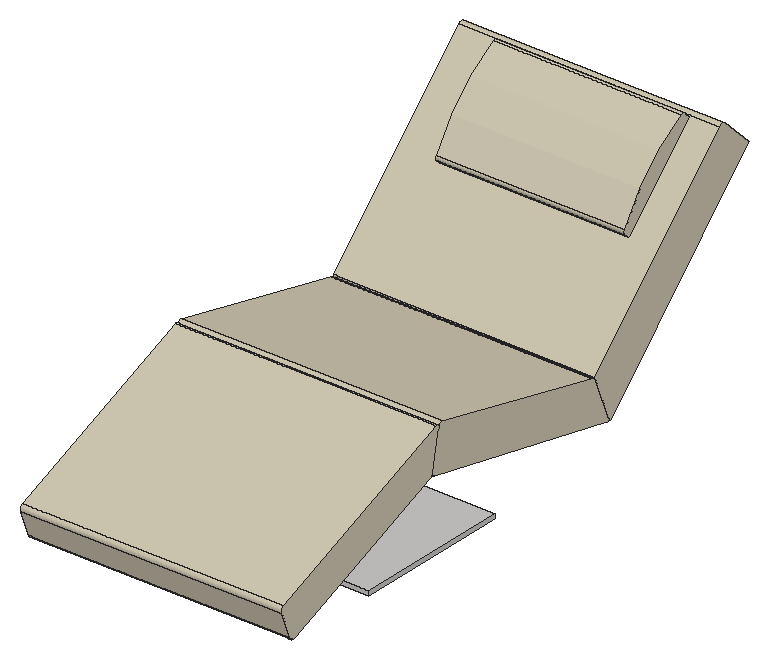
Revit family "Chaise_Longue_-_Z_Divani_amp_Divani_9475", category Шкафы, Revit 2017
Family settings
  Номер OmniClass = 23.40.35.00
  Заголовок OmniClass = Casework
  На основе рабочей плоскости = Нет
  Всегда вертикально = Да
  При загрузке вырезать с полостями = Нет
  Общий = Нет
  Точка расчета площади = Нет
Parameters (values of type "Z_Divani e Divani")
  Глубина: = 600 mm
  Assembly Code = ""
  Height = 900 mm
  Width = 900 mm
Reference planes
  plane 1: z = 0
  plane 2 "SUP": z = 900
  plane 3: y = -1855.732
Forms (mm)
  Extrusion 1, solid, material "Pelle Bianca"
    sketch origin (44.7, 0, 0) x (0, 1, 0) y (0, 0, 1)
      loop
        line (279.541, 855.459) -> (-217.212, 358.706)
        arc (-217.212, 358.706) -> (-218.236, 356.8) -> (-218.037, 354.646) r 3.751
        line (-218.037, 354.646) -> (-160.613, 212.779)
        arc (-160.613, 212.779) -> (-158.459, 210.99) -> (-155.778, 211.797) r 2.959
        line (-155.778, 211.797) -> (390.784, 758.359)
        arc (390.784, 758.359) -> (392.248, 761.894) -> (390.784, 765.43) r 5
        line (390.784, 765.43) -> (300.754, 855.459)
        arc (300.754, 855.459) -> (290.148, 859.853) -> (279.541, 855.459) r 15
    from 0 to 830
  Extrusion 2, solid, material "Pelle Bianca"
    sketch origin (44.7, 0, 0) x (0, 1, 0) y (0, 0, 1)
      loop
        arc (-217.284, 349.874) -> (-221.423, 355.633) -> (-227.744, 358.846) r 15
        line (-227.744, 358.846) -> (-821.266, 498.836)
        arc (-821.266, 498.836) -> (-830.549, 497.275) -> (-835.923, 489.546) r 12.137
        line (-835.923, 489.546) -> (-861.554, 368.961)
        arc (-861.554, 368.961) -> (-860.16, 361.436) -> (-853.852, 357.101) r 10
        line (-853.852, 357.101) -> (-169.765, 211.694)
        arc (-169.765, 211.694) -> (-164.894, 213.372) -> (-164.091, 218.46) r 5
        line (-164.091, 218.46) -> (-217.284, 349.874)
    from 0 to 830
  Extrusion 3, solid, material "Pelle Bianca"
    sketch origin (44.7, 0, 0) x (0, 1, 0) y (0, 0, 1)
      loop
        arc (-1428.436, 149.214) -> (-1420.384, 141.031) -> (-1408.904, 140.938) r 15
        line (-1408.904, 140.938) -> (-876.491, 356.443)
        arc (-876.491, 356.443) -> (-868.67, 362.131) -> (-864.432, 370.824) r 20
        line (-864.432, 370.824) -> (-838.882, 491.029)
        arc (-838.882, 491.029) -> (-840.56, 495.9) -> (-845.649, 496.704) r 5
        line (-845.649, 496.704) -> (-1453.343, 250.726)
        arc (-1453.343, 250.726) -> (-1461.526, 242.674) -> (-1461.619, 231.194) r 15
        line (-1461.619, 231.194) -> (-1428.436, 149.214)
    from 0 to 830
  Extrusion 4, solid, material "Acciaio Lucido"
    sketch origin (229.7, -33.442, 0) x (0, 1, 0) y (0, 0, 1)
      loop
        line (-400.242, 0) -> (-400.242, 15) -> (-900.242, 15) -> (-900.242, 0) -> (-400.242, 0)
    from 0 to 500
  Extrusion 5, solid, material "Acciaio Lucido"
    sketch origin (-18.448, -32.651, 0) x (1, 0, 0) y (0, 1, 0)
      loop
        circle (478.146, -650.549) r 50
    from 0 to 339.144
  Extrusion 6, solid, material "Pelle Bianca"
    sketch origin (529.7, -101.398, -35.763) x (0, 1, 0) y (0, 0, 1)
      loop
        line (372.326, 892.193) -> (360.943, 903.576)
        arc (360.943, 903.576) -> (355.443, 906.381) -> (349.344, 905.422) r 10
        arc (349.344, 905.422) -> (217.01, 809.595) -> (120.71, 677.604) r 522.899
        arc (120.71, 677.604) -> (119.485, 669.953) -> (122.999, 663.047) r 12.516
        line (122.999, 663.047) -> (134.212, 651.834)
        arc (134.212, 651.834) -> (137.748, 650.369) -> (141.283, 651.834) r 5
        line (141.283, 651.834) -> (372.326, 882.876)
        arc (372.326, 882.876) -> (374.255, 887.535) -> (372.326, 892.193) r 6.588
    from -348.322 to 250
Dimensions and locks
  "Height": level to plane 2 "SUP"
Automatic sketch dimensions
  Extrusion 4 sketch curve to level = 0 mm
  Extrusion 4 sketch curve to plane 3 = 922.048 mm
  level to Extrusion 4 sketch curve = 15 mm
  Extrusion 4 sketch curve to Extrusion 4 sketch curve = 500 mm
  Extrusion 5 sketch curve to plane 3 = 1172.532 mm
  level to Extrusion 1 sketch curve = 354.646 mm
  Extrusion 1 sketch curve to plane 3 = 1637.695 mm
  level to Extrusion 1 sketch curve = 358.706 mm
  Extrusion 1 sketch curve to Extrusion 1 sketch curve = 0.825 mm
  Extrusion 1 sketch curve to Extrusion 1 sketch curve = 3.477 mm
  level to Extrusion 1 sketch curve = 212.779 mm
  Extrusion 1 sketch curve to Extrusion 1 sketch curve = 57.424 mm
  Extrusion 1 sketch curve to Extrusion 1 sketch curve = 2.743 mm
  Extrusion 1 sketch curve to Extrusion 1 sketch curve = 2.092 mm
  plane 2 "SUP" to Extrusion 1 sketch curve = 44.541 mm
  Extrusion 1 sketch curve to Extrusion 1 sketch curve = 496.754 mm
  Extrusion 1 sketch curve to Extrusion 1 sketch curve = 10.607 mm  (x3)
  Extrusion 1 sketch curve to Extrusion 1 sketch curve = 86.494 mm
  plane 2 "SUP" to Extrusion 1 sketch curve = 134.57 mm
  Extrusion 1 sketch curve to Extrusion 1 sketch curve = 3.536 mm  (x2)
  plane 2 "SUP" to Extrusion 1 sketch curve = 141.641 mm
  Extrusion 1 sketch curve to Extrusion 1 sketch curve = 0.982 mm
  level to Extrusion 2 sketch curve = 368.961 mm
  Extrusion 2 sketch curve to plane 3 = 994.178 mm
  level to Extrusion 2 sketch curve = 357.101 mm
  Extrusion 2 sketch curve to Extrusion 2 sketch curve = 7.702 mm
  Extrusion 2 sketch curve to Extrusion 2 sketch curve = 9.781 mm
  plane 2 "SUP" to Extrusion 2 sketch curve = 410.454 mm
  Extrusion 2 sketch curve to Extrusion 2 sketch curve = 25.631 mm
  Extrusion 2 sketch curve to Extrusion 2 sketch curve = 11.872 mm
  Extrusion 2 sketch curve to Extrusion 2 sketch curve = 2.786 mm
  Extrusion 2 sketch curve to Extrusion 2 sketch curve = 592.864 mm
  Extrusion 2 sketch curve to Extrusion 2 sketch curve = 3.443 mm
  Extrusion 2 sketch curve to Extrusion 2 sketch curve = 10.461 mm
  level to Extrusion 2 sketch curve = 211.694 mm
  Extrusion 2 sketch curve to Extrusion 2 sketch curve = 61.422 mm
  Extrusion 2 sketch curve to Extrusion 2 sketch curve = 1.04 mm
  Extrusion 2 sketch curve to Extrusion 2 sketch curve = 4.635 mm
  Extrusion 2 sketch curve to Extrusion 2 sketch curve = 4.891 mm
  Extrusion 2 sketch curve to Extrusion 2 sketch curve = 127.662 mm
  Extrusion 2 sketch curve to Extrusion 2 sketch curve = 5.628 mm
  Extrusion 2 sketch curve to Extrusion 2 sketch curve = 2.523 mm
  Extrusion 3 sketch curve to plane 3 = 394.113 mm
  level to Extrusion 3 sketch curve = 250.726 mm
  Extrusion 3 sketch curve to Extrusion 3 sketch curve = 8.276 mm
  Extrusion 3 sketch curve to Extrusion 3 sketch curve = 5.628 mm  (x3)
  Extrusion 3 sketch curve to Extrusion 3 sketch curve = 33.183 mm
  Extrusion 3 sketch curve to Extrusion 3 sketch curve = 13.904 mm  (x2)
  Extrusion 3 sketch curve to Extrusion 3 sketch curve = 530.536 mm
  Extrusion 3 sketch curve to Extrusion 3 sketch curve = 7.504 mm
  Extrusion 3 sketch curve to Extrusion 3 sketch curve = 12.059 mm
  plane 2 "SUP" to Extrusion 3 sketch curve = 403.296 mm
  Extrusion 3 sketch curve to Extrusion 3 sketch curve = 18.784 mm
  Extrusion 3 sketch curve to Extrusion 3 sketch curve = 1.876 mm
  plane 2 "SUP" to Extrusion 3 sketch curve = 408.971 mm
  Extrusion 3 sketch curve to Extrusion 3 sketch curve = 4.891 mm
  Extrusion 3 sketch curve to Extrusion 3 sketch curve = 81.98 mm
  Extrusion 3 sketch curve to Extrusion 3 sketch curve = 135.626 mm
  Extrusion 3 sketch curve to Extrusion 3 sketch curve = 14.381 mm
  plane 2 "SUP" to Extrusion 6 sketch curve = 258.16 mm
  Extrusion 6 sketch curve to plane 3 = 1875.044 mm
  Extrusion 6 sketch curve to Extrusion 6 sketch curve = 0 mm  (x2)
  plane 2 "SUP" to Extrusion 6 sketch curve = 272.717 mm
  Extrusion 6 sketch curve to Extrusion 6 sketch curve = 2.289 mm
  Extrusion 6 sketch curve to Extrusion 6 sketch curve = 8.85 mm
  plane 2 "SUP" to Extrusion 6 sketch curve = 283.93 mm
  Extrusion 6 sketch curve to Extrusion 6 sketch curve = 11.213 mm
  Extrusion 6 sketch curve to Extrusion 6 sketch curve = 3.536 mm  (x3)
  plane 2 "SUP" to Extrusion 6 sketch curve = 30.342 mm
  Extrusion 6 sketch curve to Extrusion 6 sketch curve = 217.494 mm
  Extrusion 6 sketch curve to Extrusion 6 sketch curve = 4.528 mm
  Extrusion 6 sketch curve to Extrusion 6 sketch curve = 7.071 mm
  Extrusion 6 sketch curve to Extrusion 6 sketch curve = 13.796 mm
  Extrusion 6 sketch curve to Extrusion 6 sketch curve = 4.659 mm  (x3)
  Extrusion 6 sketch curve to Extrusion 6 sketch curve = 13.629 mm
  radius of Extrusion 5 sketch curve = 50 mm
